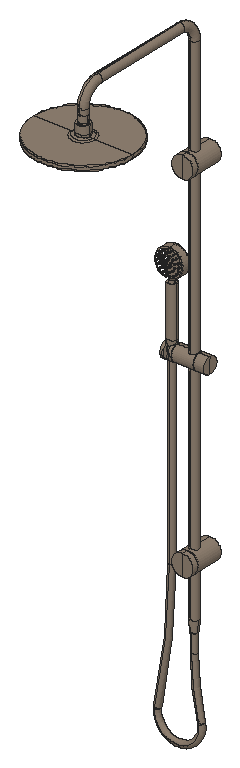
Revit family "Reece_Shower_Milli_Mood Edit_Twin Rail Shower", category Plumbing Fixtures, Revit 2018
Family settings
  Round Connector Dimension = Use Diameter
  Part Type = Normal
  Work Plane-Based = Yes
  Always vertical = Yes
  Cut with Voids When Loaded = Yes
  Shared = Yes
  Room Calculation Point = Yes
Parameters (values of type "PVD Brushed Bronze")
  inletTop = if(isTopInlet, Reece_Shower_Inlet, 0 mm)  # 12 mm
  URL = "https://www.reece.com.au/product/-9511162"
  Type Comments = "Shower"
  Reece_Shower_Inlet = 12 mm  # constant formula
  Reece_Shower_Head_Height = 425 mm  # constant formula
  Reece_Shower_Arm_Length = 400 mm  # constant formula
  isTopInlet = yes
  Reece_Rail_Length = 1365 mm  # constant formula
  Reece_Product_Web Page = "https://www.reece.com.au/product/-9511162"
  Reece_Product_Type = "Shower"  # constant formula
  Reece_Product_Sub Brand = "Mood Edit"  # constant formula
  Reece_Product_Number = "9511162"
  Reece_Product_Mount = "Wall Mounted"
  Reece_Product_Description = "Milli Mood Edit Twin Rail Shower with Top Rail Water Inlet PVD Brushed Bronze (3 Star)"
  Reece_Product_Brand = "Milli"  # constant formula
  Reece_Overall_Width = 525 mm  # constant formula
  Reece_Material_Main = Reece_PVD_Brushed Bronze
  Reece_Height_From_Level [instance] = 1800 mm
  Reece_Detail_Shape = "Twin Rail Shower"  # constant formula
  Reece_Detail_Installation = ""
  Reece_Detail_Disclaimer = "THIS FILE IS THE PROPERTY OF THE REECE GROUP. IT MAY NOT BE REPRODUCED, REVERSE-ENGINEERED OR MODIFIED. ANY REPUBLICATION, TRANSMISSION OR DISTRIBUTION FOR THE PURPOSE OF COMMERCIALLY EXPLOITING THE FILES IS PROHIBITED."  # constant formula
  Reece_Detail_Connector = ""
  Reece_Detail_Additional = "Square"  # constant formula
  Model = "Mood Edit"
  Manufacturer = "Milli"
  Keynote = "Product #9511162, Reece_Shower_Milli_Mood Edit_Twin Rail Shower - PVD Brushed Bronze"
  InletBottom = if(isTopInlet, 0 mm, Reece_Shower_Inlet)  # 0 mm
  Disclaimer = "THIS FILE IS THE PROPERTY OF THE REECE GROUP. IT MAY NOT BE REPRODUCED, REVERSE-ENGINEERED OR MODIFIED. ANY REPUBLICATION, TRANSMISSION OR DISTRIBUTION FOR THE PURPOSE OF COMMERCIALLY EXPLOITING THE FILES IS PROHIBITED."  # constant formula
  Description = "Milli Mood Edit Twin Rail Shower with Top Rail Water Inlet PVD Brushed Bronze (3 Star)"
  Default Elevation = 0 mm
Types (10, lengths in mm): name | URL | Reece_Product_Web Page | Reece_Product_Number | Reece_Product_Description | Reece_Material_Main | Keynote | Description
  (no name) | "https://www.reece.com.au/product/-9511836" | "https://www.reece.com.au/product/-9511836" | "9511836" | "Milli Mood Edit Twin Rail Shower PVD Brushed Gunmetal (3 Star)" | Reece_PVD_Brushed Gunmetal | "Product #9511836, Reece_Shower_Milli_Mood Edit_Twin Rail Shower -  " | "Milli Mood Edit Twin Rail Shower PVD Brushed Gunmetal (3 Star)"
  Chrome | "https://www.reece.com.au/product/-4202066" | "https://www.reece.com.au/product/-4202066" | "4202066" | "Milli Mood Edit Twin Rail Shower with Top Rail Water Inlet Chrome (3 Star)" | Reece_Brass_Chrome | "Product #4202066, Reece_Shower_Milli_Mood Edit_Twin Rail Shower - Chrome" | "Milli Mood Edit Twin Rail Shower with Top Rail Water Inlet Chrome (3 Star)"
  Brushed Nickel | "https://www.reece.com.au/product/-4202068" | "https://www.reece.com.au/product/-4202068" | "4202068" | "Milli Mood Edit Twin Rail Shower with Top Rail Water Inlet Brushed Nickel (3 Star)" | Reece_Brass_Brushed Nickel | "Product #4202068, Reece_Shower_Milli_Mood Edit_Twin Rail Shower - Brushed Nickel" | "Milli Mood Edit Twin Rail Shower with Top Rail Water Inlet Brushed Nickel (3 Star)"
  Brushed Gunmetal | "https://www.reece.com.au/product/-4202069" | "https://www.reece.com.au/product/-4202069" | "4202069" | "Milli Mood Edit Twin Rail Shower with Top Rail Water Inlet Brushed Gunmetal (3 Star)" | Reece_Brass_Brushed Gunmetal | "Product #4202069, Reece_Shower_Milli_Mood Edit_Twin Rail Shower - Brushed Gunmetal" | "Milli Mood Edit Twin Rail Shower with Top Rail Water Inlet Brushed Gunmetal (3 Star)"
  Matte Black | "https://www.reece.com.au/product/-4202067" | "https://www.reece.com.au/product/-4202067" | "4202067" | "Milli Mood Edit Twin Rail Shower with Top Rail Water Inlet Matte Black (3 Star)" | Reece_Brass_Matte Black | "Product #4202067, Reece_Shower_Milli_Mood Edit_Twin Rail Shower - Matte Black" | "Milli Mood Edit Twin Rail Shower with Top Rail Water Inlet Matte Black (3 Star)"
  PVD Brushed Bronze | "https://www.reece.com.au/product/-9511162" | "https://www.reece.com.au/product/-9511162" | "9511162" | "Milli Mood Edit Twin Rail Shower with Top Rail Water Inlet PVD Brushed Bronze (3 Star)" | Reece_PVD_Brushed Bronze | "Product #9511162, Reece_Shower_Milli_Mood Edit_Twin Rail Shower - PVD Brushed Bronze" | "Milli Mood Edit Twin Rail Shower with Top Rail Water Inlet PVD Brushed Bronze (3 Star)"
  PVD Brushed Gold | "https://www.reece.com.au/product/-9510977" | "https://www.reece.com.au/product/-9510977" | "9510977" | "Milli Mood Edit Twin Rail Shower with Top Rail Water Inlet PVD Brushed Gold (3 Star)" | Reece_PVD_Brushed Gold | "Product #9510977, Reece_Shower_Milli_Mood Edit_Twin Rail Shower - PVD Brushed Gold" | "Milli Mood Edit Twin Rail Shower with Top Rail Water Inlet PVD Brushed Gold (3 Star)"
  PVD Brushed Gunmetal | "https://www.reece.com.au/product/-9511836" | "https://www.reece.com.au/product/-9511836" | "9511836" | "Milli Mood Edit Twin Rail Shower PVD Brushed Gunmetal (3 Star)" | Reece_PVD_Brushed Gunmetal | "Product #9511836, Reece_Shower_Milli_Mood Edit_Twin Rail Shower - PVD Brushed Gunmetal" | "Milli Mood Edit Twin Rail Shower PVD Brushed Gunmetal (3 Star)"
  PVD Brushed Nickel | "https://www.reece.com.au/product/-9511651" | "https://www.reece.com.au/product/-9511651" | "9511651" | "Milli Mood Edit Twin Rail Shower PVD Brushed Nickel (3 Star)" | Reece_PVD_Brushed Nickel | "Product #9511651, Reece_Shower_Milli_Mood Edit_Twin Rail Shower - PVD Brushed Nickel" | "Milli Mood Edit Twin Rail Shower PVD Brushed Nickel (3 Star)"
  PVD Matte Black | "https://www.reece.com.au/product/-9511466" | "https://www.reece.com.au/product/-9511466" | "9511466" | "Milli Mood Edit Twin Rail Shower PVD Matte Black (3 Star)" | Reece_PVD_Matte Black | "Product #9511466, Reece_Shower_Milli_Mood Edit_Twin Rail Shower - PVD Matte Black" | "Milli Mood Edit Twin Rail Shower PVD Matte Black (3 Star)"
Reference planes
  plane 1 "Center (Front/Back)": y = 0
  plane 2 "Height From Floor": z = 1800
  plane 3 "Center (Left/Right)": x = 0
  plane 4 "Bottom Of Invisible Line": z = -5
  plane 5: x = 11
  plane 6: x = -11
  plane 7: y = -400
  plane 8 "Main Rail": y = -50
  plane 9: y = 0
  plane 10: y = -86.5
  plane 11: x = -27.04
  plane 12: x = 27.04
  plane 13: y = -525
  plane 14 "Bottom Fixture": z = 900
  plane 15 "Center L/T": z = 1350
  plane 16 "Handshower Handle": x = -56
  plane 17: x = -125
  plane 18: x = 125
  plane 19: z = 2130
  plane 20 "Showerhead Connection": z = 2060
  plane 21 "Bottom Rail Connection": z = 765
Forms (mm)
  Revolve 1, solid, material "Reece_PVD_Brushed Bronze" <- "Reece_Material_Main"
    sketch origin (0, -50, 1770.852) x (0, -1, 0) y (0, 0, 1)
      loop
        line (-50, 56.188) -> (-50, 36.648) -> (-14, 36.648) -> (-14, 29.148) -> (36.5, 29.148) -> (36.5, 56.188) -> (22.632, 56.188) -> (22.632, 51.026) -> (21.562, 51.026) -> (21.562, 56.188) -> (-50, 56.188)
      axis (36.5, 29.148) -> (-50, 29.148)
    angle from 0 to 360
  Sweep 2, solid, material "Reece_PVD_Brushed Bronze" <- "Reece_Material_Main"
    path origin (0, -50, 0) x (0, -1, 0) y (0, 0, 1)
      loop
        line (0, 765) -> (0, 2074)
        arc (0, 2074) -> (13.18, 2105.82) -> (45, 2119) r 45
        line (45, 2119) -> (305, 2119)
        arc (305, 2119) -> (336.82, 2105.82) -> (350, 2074) r 45
        line (350, 2074) -> (350, 2060)
    profile origin (0, -50, 1419.5) x (0, 1, 0) y (-1, 0, 0)
      loop
        circle (0, 0) r 11
      loop
        circle (0, 0) r 10
  Revolve 3, solid, material "Reece_PVD_Brushed Bronze" <- "Reece_Material_Main"
    sketch origin (0, -0.942, -5) x (0, -1, 0) y (0, 0, 1)
      loop
        line (399.058, 2012.438) -> (399.058, 2020) -> (398.251, 2020) -> (396.615, 2019.372) -> (398.424, 2018.515) -> (396.612, 2017.57) -> (398.425, 2016.716) -> (396.612, 2015.77) -> (398.425, 2014.916) -> (396.628, 2013.979) -> (398.002, 2013.232) -> (397.208, 2012.438) -> (399.058, 2012.438)
      axis (399.058, 2020) -> (399.058, 2012.438)
    angle from 0 to 360
  Revolve 4, solid, material "Reece_PVD_Brushed Bronze" <- "Reece_Material_Main"
    sketch origin (0, -50, 870.852) x (0, -1, 0) y (0, 0, 1)
      loop
        line (-50, 56.188) -> (-50, 36.648) -> (-14, 36.648) -> (-14, 29.148) -> (36.5, 29.148) -> (36.5, 56.188) -> (22.632, 56.188) -> (22.632, 51.026) -> (21.562, 51.026) -> (21.562, 56.188) -> (-50, 56.188)
      axis (36.5, 29.148) -> (-50, 29.148)
    angle from 0 to 360
  Revolve 5, solid, material "Reece_PVD_Brushed Bronze" <- "Reece_Material_Main"
    sketch origin (0, -50, 0) x (0, 0, 1) y (-1, 0, 0)
      loop
        line (1370, -40) -> (1370, -14.527) -> (1369, -14.527) -> (1369, -13.527) -> (1370, -13.527) -> (1370, 41) -> (1369, 41) -> (1369, 42) -> (1370, 42) -> (1370, 70) -> (1350, 70) -> (1350, -40) -> (1370, -40)
      axis (1350, 70) -> (1350, -40)
    angle from 0 to 360
  Revolve 6, solid, material "Reece_PVD_Brushed Bronze" <- "Reece_Material_Main"
    sketch origin (-99, -50, 149.971) x (1, 0, 0) y (0, 0, 1)
      loop
        line (54.5, 1229) -> (54.5, 1355) -> (49.25, 1355) -> (49.25, 1402) -> (43, 1402) -> (43, 1229) -> (54.5, 1229)
      axis (43, 1229) -> (43, 1402)
    angle from 0 to 360
  Revolve 7, solid, material "Reece_PVD_Brushed Bronze" <- "Reece_Material_Main"
    sketch origin (-56, 0, 149.971) x (0, 0, -1) y (0, -1, 0)
      loop
        line (-1402, 38.5) -> (-1402, 62.392)
        arc (-1402, 62.392) -> (-1419.006, 62.169) -> (-1436, 61.5) r 648.39
        arc (-1436, 61.5) -> (-1436.707, 61.207) -> (-1437, 60.5) r 1
        line (-1437, 60.5) -> (-1437, 39.5)
        arc (-1437, 39.5) -> (-1436.707, 38.793) -> (-1436, 38.5) r 1
        line (-1436, 38.5) -> (-1402, 38.5)
      axis (-1402, 62.392) -> (-1402, 38.5)
    angle from 0 to 360
  Extrusion 8, solid, material "Reece_PVD_Brushed Bronze" <- "Reece_Material_Main", detail levels fine
    sketch origin (-99, -50, 149.971) x (1, 0, 0) y (0, 0, 1)
      loop
        circle (43, 1410) r 1.5
      loop
        circle (36.072, 1406) r 1.5
      loop
        circle (25.613, 1406.659) r 1.5
      loop
        circle (30.272, 1414.728) r 1.5
      loop
        circle (38.341, 1419.387) r 1.5
      loop
        circle (14.527, 1402) r 1.5
      loop
        circle (16.215, 1411.577) r 1.5
      loop
        circle (21.551, 1419.998) r 1.5
      loop
        circle (29, 1426.249) r 1.5
      loop
        circle (38.138, 1429.575) r 1.5
      loop
        circle (49.928, 1406) r 1.5
      loop
        circle (60.387, 1406.659) r 1.5
      loop
        circle (55.728, 1414.728) r 1.5
      loop
        circle (47.659, 1419.387) r 1.5
      loop
        circle (71, 1402) r 1.5
      loop
        circle (69.311, 1411.577) r 1.5
      loop
        circle (64.449, 1419.998) r 1.5
      loop
        circle (57, 1426.249) r 1.5
      loop
        circle (47.862, 1429.575) r 1.5
      loop
        circle (43, 1394) r 1.5
      loop
        circle (36.072, 1398) r 1.5
      loop
        circle (25.613, 1397.341) r 1.5
      loop
        circle (30.272, 1389.272) r 1.5
      loop
        circle (38.341, 1384.613) r 1.5
      loop
        circle (16.215, 1392.423) r 1.5
      loop
        circle (21.551, 1384.002) r 1.5
      loop
        circle (29, 1377.751) r 1.5
      loop
        circle (38.138, 1374.425) r 1.5
      loop
        circle (49.928, 1398) r 1.5
      loop
        circle (60.387, 1397.341) r 1.5
      loop
        circle (55.728, 1389.272) r 1.5
      loop
        circle (47.659, 1384.613) r 1.5
      loop
        circle (69.311, 1392.423) r 1.5
      loop
        circle (64.449, 1384.002) r 1.5
      loop
        circle (57, 1377.751) r 1.5
      loop
        circle (47.862, 1374.425) r 1.5
    from 0 to 14.099
  Revolve 9, solid, material "Reece_PVD_Brushed Bronze" <- "Reece_Material_Main"
    sketch origin (-99, -50, 149.971) x (1, 0, 0) y (0, 0, 1)
      loop
        line (43, 1200) -> (51.069, 1200)
        arc (51.069, 1200) -> (51.75, 1200.268) -> (52.066, 1200.929) r 1
        line (52.066, 1200.929) -> (53.237, 1213.964) -> (50.75, 1213.964) -> (50.75, 1214.964) -> (53.327, 1214.964) -> (54.5, 1229) -> (43, 1229) -> (43, 1200)
      axis (43, 1229) -> (43, 1200)
    angle from 0 to 360
  Revolve 10, void
    sketch origin (0, -50, 0) x (0, 0, 1) y (-1, 0, 0)
      loop
        line (1381.243, 68.697) -> (1350, 65.988) -> (1322.91, 65.988) -> (1322.91, 56) -> (1381.243, 56) -> (1381.243, 68.697)
      axis (1322.91, 56) -> (1381.243, 56)
    angle from 0 to 360
  Extrusion 11, void
    sketch origin (0, 0, 1350) x (0, 1, 0) y (-1, 0, 0)
      loop
        line (-57.068, 62.11) -> (-67.6, 62.11) -> (-70, 65.537) -> (-70, 46.463) -> (-67.6, 49.89) -> (-57.068, 49.89) -> (-57.068, 62.11)
    from -34.403 to 28.971
  Sweep 12, solid, material "Reece_PVD_Brushed Bronze" <- "Reece_Material_Main"
    path origin (0, -50, 0) x (0, 0, 1) y (-1, 0, 0)
      loop
        line (1350, 56) -> (870, 56)
        arc (870, 56) -> (700.894, 65.105) -> (533.744, 92.317) r 1574.857
        arc (533.744, 92.317) -> (532.789, 92.501) -> (531.826, 92.639) r 20
        arc (531.826, 92.639) -> (469.267, 35.882) -> (534.12, -18.239) r 55.988
        arc (534.12, -18.239) -> (534.86, -18.106) -> (535.594, -17.945) r 20
        arc (535.594, -17.945) -> (611.272, -4.502) -> (688.002, 0) r 656.162
        line (688.002, 0) -> (765, 0)
    profile origin (-56, -50, 1110) x (0, -1, 0) y (1, 0, 0)
      loop
        circle (0, 0) r 7.5
  Extrusion 13, void, detail levels fine
    sketch origin (-99, -50, 149.971) x (1, 0, 0) y (0, 0, 1)
      loop
        circle (43, 1410) r 1.5
      loop
        circle (36.072, 1406) r 1.5
      loop
        circle (25.613, 1406.659) r 1.5
      loop
        circle (30.272, 1414.728) r 1.5
      loop
        circle (38.341, 1419.387) r 1.5
      loop
        circle (14.527, 1402) r 1.5
      loop
        circle (16.215, 1411.577) r 1.5
      loop
        circle (21.551, 1419.998) r 1.5
      loop
        circle (29, 1426.249) r 1.5
      loop
        circle (38.138, 1429.575) r 1.5
      loop
        circle (49.928, 1406) r 1.5
      loop
        circle (60.387, 1406.659) r 1.5
      loop
        circle (55.728, 1414.728) r 1.5
      loop
        circle (47.659, 1419.387) r 1.5
      loop
        circle (71, 1402) r 1.5
      loop
        circle (69.311, 1411.577) r 1.5
      loop
        circle (64.449, 1419.998) r 1.5
      loop
        circle (57, 1426.249) r 1.5
      loop
        circle (47.862, 1429.575) r 1.5
      loop
        circle (43, 1394) r 1.5
      loop
        circle (36.072, 1398) r 1.5
      loop
        circle (25.613, 1397.341) r 1.5
      loop
        circle (30.272, 1389.272) r 1.5
      loop
        circle (38.341, 1384.613) r 1.5
      loop
        circle (16.215, 1392.423) r 1.5
      loop
        circle (21.551, 1384.002) r 1.5
      loop
        circle (29, 1377.751) r 1.5
      loop
        circle (38.138, 1374.425) r 1.5
      loop
        circle (49.928, 1398) r 1.5
      loop
        circle (60.387, 1397.341) r 1.5
      loop
        circle (55.728, 1389.272) r 1.5
      loop
        circle (47.659, 1384.613) r 1.5
      loop
        circle (69.311, 1392.423) r 1.5
      loop
        circle (64.449, 1384.002) r 1.5
      loop
        circle (57, 1377.751) r 1.5
      loop
        circle (47.862, 1374.425) r 1.5
    from 0 to 14.099
  Revolve 14, solid, material "Reece_PVD_Brushed Bronze" <- "Reece_Material_Main"
    sketch origin (0, -50, -5) x (0, 0, 1) y (-1, 0, 0)
      loop
        line (770, 7.685) -> (770, 11) -> (740.948, 9.477)
        arc (740.948, 9.477) -> (740.275, 9.167) -> (740, 8.479) r 1
        line (740, 8.479) -> (740, 7.685) -> (770, 7.685)
      axis (740, 0) -> (770, 0)
    angle from 0 to 360
Cuts and joins
  Revolve 10, Extrusion 11 cuts Revolve 5
  joined: Revolve 1, Sweep 2, Revolve 4, Revolve 5
  Extrusion 13 cuts Revolve 7
  joined: Revolve 6, Revolve 7
Lines and regions (mm)
  model lines, style "InvisibleLines"
    curve 1: line (0, 0, -5) -> (0, 0, 1800)
Text (mm)
  text "Reece ©" at (2155.535, -1941.88, 3919.397), in view "Reece Preview"
  text "Reece Copyright © 2018, Reece Ltd." at (-327.277, -568.509, 0), in view "Ref. Level"
Dimensions and locks
  plane 5 to plane 6 = 22 mm
  "Reece_Height_From_Level": plane 2 "Height From Floor" to level
  locked: plane 11 to plane 12 at 54.08
  plane 8 "Main Rail" to plane 7 = 350 mm
  locked: plane 15 "Center L/T" to plane 2 "Height From Floor" at 450
  locked: plane 2 "Height From Floor" to plane 14 "Bottom Fixture" at 900
  cut or joined group of Revolve 1, Sweep 2, Revolve 4, Revolve 5, Revolve 10, Extrusion 11 to cut or joined group of Revolve 1, Sweep 2, Revolve 4, Revolve 5, Revolve 10, Extrusion 11 = 54.08 mm  (x4)
  nested 1 to nested 1 = 250 mm  (x3)
  cut or joined group of Revolve 1, Sweep 2, Revolve 4, Revolve 5, Revolve 10, Extrusion 11 to plane 7 = 350 mm
  plane 9 to cut or joined group of Revolve 1, Sweep 2, Revolve 4, Revolve 5, Revolve 10, Extrusion 11 = 86.5 mm
  plane 6 to plane 5 = 22 mm
  "Reece_Shower_Arm_Length": plane 7 to cut or joined group of Revolve 1, Sweep 2, Revolve 4, Revolve 5, Revolve 10, Extrusion 11
  plane 9 to plane 8 "Main Rail" = 50 mm
  cut or joined group of Revolve 1, Sweep 2, Revolve 4, Revolve 5, Revolve 10, Extrusion 11 to cut or joined group of Revolve 1, Sweep 2, Revolve 4, Revolve 5, Revolve 10, Extrusion 11 = 110 mm
  plane 2 "Height From Floor" to plane 14 "Bottom Fixture" = 900 mm
  cut or joined group of Revolve 1, Sweep 2, Revolve 4, Revolve 5, Revolve 10, Extrusion 11 to cut or joined group of Revolve 1, Sweep 2, Revolve 4, Revolve 5, Revolve 10, Extrusion 11 = 40 mm  (x2)
  "Reece_Overall_Width": plane 9 to plane 13
  plane 19 to plane 2 "Height From Floor" = 330 mm
  plane 19 to plane 20 "Showerhead Connection" to plane 2 "Height From Floor" = 70 mm locked, 260 mm locked
  plane 7 to plane 8 "Main Rail" = 350 mm
  "Reece_Rail_Length": plane 19 to plane 21 "Bottom Rail Connection"
  Revolve 14 sketch curve to plane 21 "Bottom Rail Connection" to Revolve 14 sketch curve = 0 mm locked, 30 mm locked
  aligned and locked: plane 2 "Height From Floor" to curve 1
  aligned and locked: plane 2 "Height From Floor" to Revolve 1 sketch curve  (x2)
  aligned and locked: plane 10 to Revolve 1 sketch curve
  aligned and locked: Revolve 1 sketch curve to plane 9
  aligned and locked: plane 14 "Bottom Fixture" to Revolve 4 sketch curve  (x2)
  aligned and locked: Revolve 5 sketch curve to plane 15 "Center L/T"
  aligned and locked: plane 15 "Center L/T" to Revolve 5 sketch curve
  aligned and locked: Revolve 6 sketch curve to Revolve 9
  aligned and locked: plane 21 "Bottom Rail Connection" to Sweep 2 sketch curve
  aligned and locked: Extrusion 8 to plane 8 "Main Rail"
  aligned and locked: plane 15 "Center L/T" to Sweep 12 sketch curve
Automatic sketch dimensions
  Revolve 1 sketch curve to plane 8 "Main Rail" = 14 mm
  plane 10 to Revolve 1 sketch curve = 14.938 mm
  Revolve 1 sketch curve to Revolve 1 sketch curve = 1.07 mm
  plane 2 "Height From Floor" to Revolve 1 sketch curve = 7.5 mm
  plane 2 "Height From Floor" to Revolve 1 sketch curve = 21.878 mm
  Revolve 1 sketch curve to Revolve 1 sketch curve = 5.161 mm
  Revolve 1 sketch curve to Revolve 1 sketch curve = 0 mm
  plane 8 "Main Rail" to Revolve 1 sketch curve = 1 mm
  Revolve 1 sketch curve to plane 10 = 18.5 mm
  Revolve 3 sketch curve to plane 7 = 0 mm  (x2)
  plane 7 to Revolve 3 sketch curve = 0.633 mm  (x3)
  Revolve 3 sketch curve to Revolve 3 sketch curve = 0.806 mm
  plane 7 to Revolve 3 sketch curve = 1.055 mm
  Revolve 3 sketch curve to Revolve 3 sketch curve = 0.795 mm  (x2)
  Revolve 3 sketch curve to Revolve 3 sketch curve = 1.374 mm
  Revolve 3 sketch curve to Revolve 3 sketch curve = 1.636 mm
  Revolve 3 sketch curve to Revolve 3 sketch curve = 0.003 mm
  Revolve 3 sketch curve to Revolve 3 sketch curve = 0.017 mm
  Revolve 3 sketch curve to Revolve 3 sketch curve = 0.747 mm
  Revolve 3 sketch curve to Revolve 3 sketch curve = 1.683 mm
  Revolve 3 sketch curve to Revolve 3 sketch curve = 1.791 mm
  Revolve 3 sketch curve to Revolve 3 sketch curve = 1.8 mm  (x3)
  Revolve 3 sketch curve to Revolve 3 sketch curve = 13.07 mm
  Revolve 3 sketch curve to Revolve 3 sketch curve = 4.367 mm
  Revolve 4 sketch curve to plane 1 "Center (Front/Back)" = 0 mm
  Revolve 4 sketch curve to plane 10 = 0 mm
  Revolve 4 sketch curve to plane 8 "Main Rail" = 14 mm
  Revolve 4 sketch curve to Revolve 4 sketch curve = 14.938 mm
  Revolve 4 sketch curve to Revolve 4 sketch curve = 1.07 mm
  plane 14 "Bottom Fixture" to Revolve 4 sketch curve = 7.5 mm
  plane 14 "Bottom Fixture" to Revolve 4 sketch curve = 21.878 mm
  Revolve 4 sketch curve to Revolve 4 sketch curve = 5.161 mm
  Revolve 4 sketch curve to Revolve 4 sketch curve = 0 mm
  plane 8 "Main Rail" to Revolve 4 sketch curve = 1 mm
  Revolve 4 sketch curve to plane 10 = 18.5 mm
  plane 15 "Center L/T" to Revolve 5 sketch curve = 19 mm  (x2)
  plane 5 to Revolve 5 sketch curve = 2.527 mm
  plane 15 "Center L/T" to Revolve 5 sketch curve = 20 mm
  Revolve 5 sketch curve to Revolve 5 sketch curve = 1 mm  (x3)
  Revolve 5 sketch curve to Revolve 5 sketch curve = 0 mm
  Revolve 5 sketch curve to plane 12 = 12.96 mm
  plane 11 to Revolve 5 sketch curve = 13.96 mm
  Revolve 5 sketch curve to Revolve 5 sketch curve = 28 mm
  Revolve 5 sketch curve to Revolve 5 sketch curve = 200 mm
  Revolve 5 sketch curve to Revolve 5 sketch curve = 70 mm
  plane 12 to Revolve 6 sketch curve = 83.04 mm  (x2)
  Revolve 6 sketch curve to Revolve 6 sketch curve = 6.25 mm
  Revolve 6 sketch curve to Revolve 6 sketch curve = 5.25 mm
  plane 15 "Center L/T" to Revolve 6 sketch curve = 154.971 mm
  Revolve 6 sketch curve to Revolve 6 sketch curve = 47 mm
  plane 2 "Height From Floor" to Revolve 6 sketch curve = 84.971 mm
  Revolve 7 sketch curve to plane 8 "Main Rail" = 10.5 mm
  plane 15 "Center L/T" to Revolve 7 sketch curve = 236.971 mm
  Revolve 7 sketch curve to Revolve 7 sketch curve = 1 mm  (x2)
  Revolve 7 sketch curve to Revolve 7 sketch curve = 34 mm
  Revolve 7 sketch curve to plane 1 "Center (Front/Back)" = 585.998 mm
  plane 10 to Revolve 7 sketch curve = 26 mm
  Revolve 7 sketch curve to Revolve 7 sketch curve = 0 mm
  Revolve 7 sketch curve to plane 8 "Main Rail" = 41 mm
  plane 10 to Revolve 7 sketch curve = 12.5 mm
  Extrusion 8 sketch curve to plane 5 = 95.473 mm
  Extrusion 8 sketch curve to plane 5 = 93.785 mm  (x2)
  plane 12 to Extrusion 8 sketch curve = 104.489 mm  (x2)
  plane 12 to Extrusion 8 sketch curve = 100.427 mm  (x2)
  plane 12 to Extrusion 8 sketch curve = 97.04 mm  (x2)
  plane 12 to Extrusion 8 sketch curve = 95.768 mm  (x2)
  plane 12 to Extrusion 8 sketch curve = 89.968 mm
  Extrusion 8 sketch curve to Extrusion 8 sketch curve = 0 mm  (x6)
  Extrusion 8 sketch curve to Extrusion 8 sketch curve = 9.138 mm  (x4)
  Extrusion 8 sketch curve to Extrusion 8 sketch curve = 8.069 mm  (x8)
  Extrusion 8 sketch curve to Extrusion 8 sketch curve = 6.928 mm  (x3)
  Extrusion 8 sketch curve to Extrusion 8 sketch curve = 9.317 mm  (x4)
  Extrusion 8 sketch curve to Extrusion 8 sketch curve = 9.724 mm  (x2)
  Extrusion 8 sketch curve to Extrusion 8 sketch curve = 4.659 mm  (x5)
  Extrusion 8 sketch curve to Extrusion 8 sketch curve = 7.449 mm  (x2)
  Extrusion 8 sketch curve to Extrusion 8 sketch curve = 4.862 mm  (x2)
  Extrusion 8 sketch curve to Extrusion 8 sketch curve = 1.689 mm
  plane 15 "Center L/T" to Extrusion 8 sketch curve = 174.397 mm
  Extrusion 8 sketch curve to Extrusion 8 sketch curve = 3.326 mm  (x3)
  Extrusion 8 sketch curve to Extrusion 8 sketch curve = 6.251 mm  (x4)
  Extrusion 8 sketch curve to Extrusion 8 sketch curve = 10.188 mm
  Extrusion 8 sketch curve to Extrusion 8 sketch curve = 8.421 mm  (x4)
  Extrusion 8 sketch curve to Extrusion 8 sketch curve = 9.387 mm
  Extrusion 8 sketch curve to Extrusion 8 sketch curve = 4 mm  (x3)
  Extrusion 8 sketch curve to Extrusion 8 sketch curve = 9.577 mm  (x4)
  Extrusion 8 sketch curve to Extrusion 8 sketch curve = 8 mm  (x2)
  curve 1 to plane 3 "Center (Left/Right)" = 0 mm
  curve 1 to plane 4 "Bottom Of Invisible Line" = 0 mm
  Revolve 9 sketch curve to plane 16 "Handshower Handle" = 0 mm  (x2)
  plane 16 "Handshower Handle" to Revolve 9 sketch curve = 7.75 mm
  Revolve 9 sketch curve to plane 15 "Center L/T" = 0.029 mm
  Revolve 9 sketch curve to Revolve 9 sketch curve = 8.069 mm
  plane 15 "Center L/T" to Revolve 9 sketch curve = 0.9 mm
  Revolve 9 sketch curve to Revolve 9 sketch curve = 0.997 mm
  Revolve 9 sketch curve to Revolve 9 sketch curve = 2.486 mm
  Revolve 9 sketch curve to Revolve 9 sketch curve = 0.09 mm
  Revolve 9 sketch curve to Revolve 9 sketch curve = 12.964 mm
  Revolve 9 sketch curve to Revolve 9 sketch curve = 1 mm
  Revolve 9 sketch curve to Revolve 9 sketch curve = 14.036 mm
  Revolve 9 sketch curve to Revolve 9 sketch curve = 11.5 mm
  Revolve 9 sketch curve to Revolve 9 sketch curve = 26 mm
  Revolve 9 sketch curve to Revolve 9 sketch curve = 64 mm
  Revolve 10 sketch curve to plane 16 "Handshower Handle" = 0 mm  (x2)
  Revolve 10 sketch curve to plane 15 "Center L/T" = 0 mm
  Revolve 10 sketch curve to plane 16 "Handshower Handle" = 9.988 mm
  Revolve 10 sketch curve to Revolve 10 sketch curve = 27.09 mm
  Revolve 10 sketch curve to plane 16 "Handshower Handle" = 12.697 mm
  plane 15 "Center L/T" to Revolve 10 sketch curve = 31.243 mm
  Revolve 10 sketch curve to Revolve 10 sketch curve = 7.91 mm
  Revolve 10 sketch curve to Revolve 10 sketch curve = 16.114 mm
  Extrusion 11 sketch curve to plane 16 "Handshower Handle" = 6.11 mm
  plane 8 "Main Rail" to Extrusion 11 sketch curve = 17.6 mm
  plane 16 "Handshower Handle" to Extrusion 11 sketch curve = 6.11 mm
  Extrusion 11 sketch curve to Extrusion 11 sketch curve = 0 mm
  plane 8 "Main Rail" to Extrusion 11 sketch curve = 7.068 mm
  Extrusion 11 sketch curve to Extrusion 11 sketch curve = 3.427 mm  (x2)
  Extrusion 11 sketch curve to Extrusion 11 sketch curve = 2.4 mm
  Revolve 3 sketch curve to Revolve 3 sketch curve = 1.802 mm
  Revolve 3 sketch curve to Revolve 3 sketch curve = 1.485 mm
  plane 2 "Height From Floor" to Revolve 3 sketch curve = 207.438 mm
  Revolve 6 sketch curve to Revolve 6 sketch curve = 179 mm
  Sweep 2 sketch curve to plane 8 "Main Rail" = 0 mm
  Sweep 2 sketch curve to plane 7 = 0 mm
  plane 20 "Showerhead Connection" to Sweep 2 sketch curve = 0 mm
  Sweep 2 sketch curve to plane 10 = 8.5 mm
  plane 19 to Sweep 2 sketch curve = 11 mm
  plane 7 to Sweep 2 sketch curve = 45 mm
  Sweep 2 sketch curve to Sweep 2 sketch curve = 0 mm  (x2)
  profile plane to Sweep 2 sketch curve = 0 mm
  Sweep 2 sketch curve to profile plane = 0 mm
  plane 8 "Main Rail" to Sweep 12 sketch curve = 0 mm
  Sweep 12 sketch curve to profile plane = 0 mm
  Sweep 12 sketch curve to plane 3 "Center (Left/Right)" = 0 mm
  Sweep 12 sketch curve to plane 21 "Bottom Rail Connection" = 0 mm
  plane 16 "Handshower Handle" to Sweep 12 sketch curve = 0 mm
  Sweep 12 sketch curve to Sweep 12 sketch curve = 76.998 mm
  Sweep 12 sketch curve to plane 3 "Center (Left/Right)" = 1.508 mm
  Sweep 12 sketch curve to plane 16 "Handshower Handle" = 16.778 mm
  Sweep 12 sketch curve to Sweep 12 sketch curve = 1.475 mm
  plane 11 to Sweep 12 sketch curve = 10 mm
  Sweep 12 sketch curve to Sweep 12 sketch curve = 4.232 mm
  Sweep 12 sketch curve to plane 14 "Bottom Fixture" = 30 mm
  plane 5 to Sweep 12 sketch curve = 6.945 mm
  Sweep 12 sketch curve to Sweep 12 sketch curve = 0 mm  (x4)
  Sweep 12 sketch curve to Sweep 12 sketch curve = 1.474 mm
  Extrusion 13 sketch curve to plane 16 "Handshower Handle" = 0 mm  (x2)
  Extrusion 13 sketch curve to plane 16 "Handshower Handle" = 4.659 mm  (x2)
  Extrusion 13 sketch curve to plane 16 "Handshower Handle" = 4.862 mm  (x2)
  Extrusion 13 sketch curve to plane 16 "Handshower Handle" = 6.928 mm  (x2)
  Extrusion 13 sketch curve to Extrusion 13 sketch curve = 8.069 mm  (x8)
  Extrusion 13 sketch curve to Extrusion 13 sketch curve = 9.138 mm  (x4)
  Extrusion 13 sketch curve to Extrusion 13 sketch curve = 4.659 mm  (x7)
  Extrusion 13 sketch curve to Extrusion 13 sketch curve = 7.449 mm  (x2)
  Extrusion 13 sketch curve to Extrusion 13 sketch curve = 5.336 mm  (x2)
  Extrusion 13 sketch curve to Extrusion 13 sketch curve = 1.689 mm
  plane 16 "Handshower Handle" to Extrusion 13 sketch curve = 4.659 mm  (x2)
  plane 16 "Handshower Handle" to Extrusion 13 sketch curve = 4.862 mm  (x2)
  plane 16 "Handshower Handle" to Extrusion 13 sketch curve = 6.928 mm  (x2)
  plane 11 to Extrusion 13 sketch curve = 7.511 mm  (x2)
  plane 11 to Extrusion 13 sketch curve = 2.649 mm  (x2)
  plane 11 to Extrusion 13 sketch curve = 0.96 mm
  plane 15 "Center L/T" to Extrusion 13 sketch curve = 174.397 mm
  Extrusion 13 sketch curve to Extrusion 13 sketch curve = 0 mm  (x4)
  Extrusion 13 sketch curve to Extrusion 13 sketch curve = 3.326 mm  (x3)
  Extrusion 13 sketch curve to Extrusion 13 sketch curve = 6.251 mm  (x4)
  Extrusion 13 sketch curve to Extrusion 13 sketch curve = 10.188 mm
  Extrusion 13 sketch curve to Extrusion 13 sketch curve = 8.421 mm  (x4)
  Extrusion 13 sketch curve to Extrusion 13 sketch curve = 9.387 mm
  Extrusion 13 sketch curve to Extrusion 13 sketch curve = 4 mm  (x3)
  Extrusion 13 sketch curve to Extrusion 13 sketch curve = 9.577 mm  (x4)
  Extrusion 13 sketch curve to Extrusion 13 sketch curve = 8 mm  (x2)
  Extrusion 13 sketch curve to Extrusion 13 sketch curve = 9.317 mm  (x2)
  Revolve 14 sketch curve to plane 3 "Center (Left/Right)" = 0 mm
  Revolve 14 sketch curve to plane 6 = 0 mm
  plane 6 to Revolve 14 sketch curve = 3.315 mm
  plane 6 to Revolve 14 sketch curve = 1.523 mm
  Revolve 14 sketch curve to Revolve 14 sketch curve = 0.948 mm
  Revolve 14 sketch curve to Revolve 14 sketch curve = 0.052 mm
  Revolve 14 sketch curve to Revolve 14 sketch curve = 40 mm
  Revolve 14 sketch curve to Revolve 14 sketch curve = 35 mm
  radius of Extrusion 8 sketch curve = 1.5 mm  (x36)
  radius of Sweep 2 sketch curve = 11 mm
  radius of Sweep 2 sketch curve = 10 mm
  radius of Sweep 12 sketch curve = 7.5 mm
  radius of Extrusion 13 sketch curve = 1.5 mm  (x36)
Nested families
  nested 1: "Reece_Shower_Milli_Mood Edit_Shower Head_250 mm Head_Nested" at (0, -400, 2060) x (1, 0, 0) z (0, 0, -1), Reece_Material_Main <- "Reece_Material_Main", type "Reece_Shower_Milli_Mood Edit_Shower Head_250 mm Head_Nested"
    with Reece_Material_Main Reece_PVD_Brushed Bronze
Connectors
  piping at (0, 0, 1800), diameter 12, driven by "inletTop"
    settings: on cut or joined group of Revolve 1, Sweep 2, Revolve 4, Revolve 5, Revolve 10, Extrusion 11, index 1, connector inside diameter 609.6 mm, connector length 0 mm, flow factor 0, pipe flow 0.0 L/s, pressure drop 0.0 Pa, fitting loss kfactor 0, connector angle 0.00°, fixture units 0, engagement length 0 mm, angle of deflection 0.00°, flow configuration 0, flow direction 1, fitting loss method 0, system type 29, joint type 0, gender type 0, connector reference index -1, connector utility 0, adjustable connector no, is connector primary yes, connector description ""
  piping at (0, 0, 900), driven by "InletBottom"
    settings: on cut or joined group of Revolve 1, Sweep 2, Revolve 4, Revolve 5, Revolve 10, Extrusion 11, index 2, connector diameter 0 mm, connector inside diameter 609.6 mm, connector length 0 mm, flow factor 0, pipe flow 0.0 L/s, pressure drop 0.0 Pa, fitting loss kfactor 0, connector angle 0.00°, fixture units 0, engagement length 0 mm, angle of deflection 0.00°, flow configuration 0, flow direction 1, fitting loss method 0, system type 29, joint type 0, gender type 0, connector reference index -1, connector utility 0, adjustable connector no, is connector primary no, connector description ""
Definition of nested family "Reece_Shower_Milli_Mood Edit_Shower Head_250 mm Head_Nested"
  Parameters (values of type "Reece_Shower_Milli_Pure_Shower Head_250 mm Head_Nested")
    Waste Connection = no
    WFU = 0
    Vent Connection = no
    URL = ""
    Type Comments = ""
    Reece_Material_Main [instance] = none
    Model = ""
    Manufacturer = ""
    Keynote = ""
    HWFU = 0
    HW Connection = no
    Description = ""
    Default Elevation = 0 mm
    Cost = 0
    CWFU = 0
    CW Connection = no
    Assembly Code = ""
  Reference planes
    plane 1 "Center (Front/Back)": y = 0
    plane 2: z = 0
    plane 3 "Center (Left/Right)": x = 0
    plane 4: z = 60
    plane 5: y = 125
    plane 6: y = -125
    plane 7: x = 125
    plane 8: x = -125
    plane 9: z = 50
  Forms (mm)
    Extrusion 1, solid
      sketch origin (619.2, 20, 0) x (1, 0, 0) y (0, 1, 0)
        loop
          line (-843.153, 203.827) -> (-843.153, -206.911) -> (-435.255, -206.911) -> (-435.255, 203.827) -> (-843.153, 203.827)
      from 0 to -35.776
    Revolve 2, solid, material <- "Reece_Material_Main"
      sketch origin (0, 0, -187) x (1, 0, 0) y (0, 0, 1)
        loop
          line (0, 247) -> (0, 187) -> (11, 187) -> (11, 203) -> (9.387, 203)
          arc (9.387, 203) -> (8.576, 203.415) -> (8.439, 204.316) r 1
          line (8.439, 204.316) -> (9.772, 208.316)
          arc (9.772, 208.316) -> (10.136, 208.811) -> (10.721, 209) r 1
          line (10.721, 209) -> (16, 209)
          arc (16, 209) -> (16.477, 218.25) -> (16, 227.5) r 90
          line (16, 227.5) -> (15, 227.5) -> (15, 228.5) -> (16, 228.5) -> (16, 233.105)
          arc (16, 233.105) -> (16.202, 233.707) -> (16.726, 234.066) r 1
          line (16.726, 234.066) -> (24.324, 236.233)
          arc (24.324, 236.233) -> (27.04, 236.807) -> (29.809, 237) r 20
          line (29.809, 237) -> (124.5, 237)
          arc (124.5, 237) -> (124.854, 237.146) -> (125, 237.5) r 0.5
          line (125, 237.5) -> (125, 246.5)
          arc (125, 246.5) -> (124.854, 246.854) -> (124.5, 247) r 0.5
          line (124.5, 247) -> (0, 247)
        axis (0, 247) -> (0, 187)
      angle from 0 to 360
    Extrusion 3, void
      sketch origin (0, 0, 0) x (1, 0, 0) y (0, 1, 0)
        loop
          line (-10, 3.005) -> (-12, 3.005) -> (-12, -3.005) -> (-10, -3.005) -> (-10, 3.005)
        loop
          line (10, 3.005) -> (10, -3.005) -> (12, -3.005) -> (12, 3.005) -> (10, 3.005)
      from 10 to 16
    Extrusion 4, solid, material <- "Reece_Material_Main", detail levels fine
      sketch origin (2.068, -0.55, 6) x (0.866025, -0.5, 0) y (0.5, 0.866025, 0)
        loop
          circle (9.236, 17.47) r 2
        loop
          circle (-1.292, 20.706) r 2
        loop
          circle (19.65, 27.744) r 2
        loop
          circle (7.167, 33.9) r 2
        loop
          circle (-6.723, 34.811) r 2
        loop
          circle (31.171, 36.357) r 2
        loop
          circle (18.138, 44.821) r 2
        loop
          circle (3.126, 48.844) r 2
        loop
          circle (-12.394, 48.03) r 2
        loop
          circle (42.957, 44.466) r 2
        loop
          circle (29.77, 54.585) r 2
        loop
          circle (14.413, 60.946) r 2
        loop
          circle (-2.066, 63.116) r 2
        loop
          circle (-18.546, 60.946) r 2
        loop
          circle (54.752, 52.149) r 2
        loop
          circle (41.607, 63.465) r 2
        loop
          circle (26.275, 71.575) r 2
        loop
          circle (9.522, 76.064) r 2
        loop
          circle (-7.81, 76.73) r 2
        loop
          circle (-24.854, 73.517) r 2
        loop
          circle (68.722, 58.841) r 2
        loop
          circle (57.332, 70.231) r 2
        loop
          circle (44.137, 79.47) r 2
        loop
          circle (29.539, 86.277) r 2
        loop
          circle (13.98, 90.446) r 2
        loop
          circle (-2.066, 91.85) r 2
        loop
          circle (-18.113, 90.446) r 2
        loop
          circle (-33.671, 86.277) r 2
        loop
          circle (81.577, 65.216) r 2
        loop
          circle (71.368, 76.448) r 2
        loop
          circle (59.468, 85.58) r 2
        loop
          circle (46.704, 94.015) r 2
        loop
          circle (32.752, 99.992) r 2
        loop
          circle (18.091, 103.92) r 2
        loop
          circle (3.02, 105.728) r 2
        loop
          circle (-12.154, 105.37) r 2
        loop
          circle (-27.123, 102.857) r 2
        loop
          circle (-41.583, 98.24) r 2
        loop
          circle (92.91, 70.693) r 2
        loop
          circle (82.525, 82.534) r 2
        loop
          circle (70.684, 92.919) r 2
        loop
          circle (57.588, 101.669) r 2
        loop
          circle (43.462, 108.635) r 2
        loop
          circle (28.548, 113.698) r 2
        loop
          circle (13.101, 116.771) r 2
        loop
          circle (-2.615, 117.801) r 2
        loop
          circle (-18.332, 116.771) r 2
        loop
          circle (-33.779, 113.698) r 2
        loop
          circle (-48.693, 108.635) r 2
        loop
          circle (-23.329, -1.331) r 2
        loop
          circle (-20.868, 9.404) r 2
        loop
          circle (-37.434, -5.214) r 2
        loop
          circle (-36.524, 8.675) r 2
        loop
          circle (-30.368, 21.159) r 2
        loop
          circle (-50.654, -10.885) r 2
        loop
          circle (-51.467, 4.635) r 2
        loop
          circle (-47.445, 19.646) r 2
        loop
          circle (-38.981, 32.68) r 2
        loop
          circle (-63.57, -17.037) r 2
        loop
          circle (-65.739, -0.557) r 2
        loop
          circle (-63.57, 15.922) r 2
        loop
          circle (-57.209, 31.279) r 2
        loop
          circle (-47.09, 44.466) r 2
        loop
          circle (-76.12, -23.41) r 2
        loop
          circle (-79.348, -6.368) r 2
        loop
          circle (-78.705, 10.965) r 2
        loop
          circle (-74.216, 27.718) r 2
        loop
          circle (-66.127, 43.06) r 2
        loop
          circle (-54.822, 56.215) r 2
        loop
          circle (-88.901, -32.162) r 2
        loop
          circle (-93.07, -16.604) r 2
        loop
          circle (-94.473, -0.557) r 2
        loop
          circle (-93.07, 15.489) r 2
        loop
          circle (-88.901, 31.048) r 2
        loop
          circle (-82.093, 45.646) r 2
        loop
          circle (-72.854, 58.841) r 2
        loop
          circle (-61.464, 70.231) r 2
        loop
          circle (-100.85, -40.108) r 2
        loop
          circle (-105.472, -25.65) r 2
        loop
          circle (-107.43, -10.779) r 2
        loop
          circle (-108.354, 4.492) r 2
        loop
          circle (-106.554, 19.564) r 2
        loop
          circle (-102.625, 34.225) r 2
        loop
          circle (-96.656, 48.18) r 2
        loop
          circle (-88.759, 61.143) r 2
        loop
          circle (-79.098, 72.85) r 2
        loop
          circle (-67.869, 83.063) r 2
        loop
          circle (-111.259, -47.184) r 2
        loop
          circle (-116.322, -32.27) r 2
        loop
          circle (-119.394, -16.823) r 2
        loop
          circle (-120.424, -1.106) r 2
        loop
          circle (-119.394, 14.61) r 2
        loop
          circle (-116.322, 30.057) r 2
        loop
          circle (-111.259, 44.971) r 2
        loop
          circle (-104.293, 59.097) r 2
        loop
          circle (-95.543, 72.193) r 2
        loop
          circle (-85.158, 84.034) r 2
        loop
          circle (-73.316, 94.419) r 2
        loop
          circle (19.197, 0.217) r 2
        loop
          circle (16.735, -10.518) r 2
        loop
          circle (33.302, 4.099) r 2
        loop
          circle (32.391, -9.79) r 2
        loop
          circle (26.235, -22.274) r 2
        loop
          circle (46.521, 9.77) r 2
        loop
          circle (47.335, -5.75) r 2
        loop
          circle (43.312, -20.761) r 2
        loop
          circle (34.848, -33.795) r 2
        loop
          circle (59.437, 15.922) r 2
        loop
          circle (61.607, -0.557) r 2
        loop
          circle (59.437, -17.037) r 2
        loop
          circle (53.076, -32.394) r 2
        loop
          circle (42.957, -45.581) r 2
        loop
          circle (71.988, 22.295) r 2
        loop
          circle (75.216, 5.253) r 2
        loop
          circle (74.572, -12.079) r 2
        loop
          circle (70.083, -28.833) r 2
        loop
          circle (61.994, -44.175) r 2
        loop
          circle (50.69, -57.329) r 2
        loop
          circle (84.768, 31.048) r 2
        loop
          circle (88.937, 15.489) r 2
        loop
          circle (90.341, -0.557) r 2
        loop
          circle (88.937, -16.604) r 2
        loop
          circle (84.768, -32.162) r 2
        loop
          circle (77.961, -46.761) r 2
        loop
          circle (68.722, -59.956) r 2
        loop
          circle (57.332, -71.345) r 2
        loop
          circle (96.717, 38.993) r 2
        loop
          circle (101.34, 24.536) r 2
        loop
          circle (103.298, 9.664) r 2
        loop
          circle (104.221, -5.607) r 2
        loop
          circle (102.421, -20.678) r 2
        loop
          circle (98.493, -35.34) r 2
        loop
          circle (92.523, -49.295) r 2
        loop
          circle (84.626, -62.258) r 2
        loop
          circle (74.965, -73.965) r 2
        loop
          circle (63.737, -84.178) r 2
        loop
          circle (107.126, 46.069) r 2
        loop
          circle (112.189, 31.155) r 2
        loop
          circle (115.262, 15.708) r 2
        loop
          circle (116.292, -0.008) r 2
        loop
          circle (115.262, -15.725) r 2
        loop
          circle (112.189, -31.172) r 2
        loop
          circle (107.126, -46.086) r 2
        loop
          circle (100.16, -60.212) r 2
        loop
          circle (91.41, -73.308) r 2
        loop
          circle (81.025, -85.149) r 2
        loop
          circle (69.184, -95.534) r 2
        loop
          circle (-13.368, -18.585) r 2
        loop
          circle (-2.84, -21.82) r 2
        loop
          circle (-23.783, -28.859) r 2
        loop
          circle (-11.299, -35.015) r 2
        loop
          circle (2.59, -35.925) r 2
        loop
          circle (-35.304, -37.472) r 2
        loop
          circle (-22.27, -45.936) r 2
        loop
          circle (-7.259, -49.958) r 2
        loop
          circle (8.261, -49.145) r 2
        loop
          circle (-47.09, -45.581) r 2
        loop
          circle (-33.903, -55.7) r 2
        loop
          circle (-18.546, -62.061) r 2
        loop
          circle (-2.066, -64.23) r 2
        loop
          circle (14.413, -62.061) r 2
        loop
          circle (-58.884, -53.264) r 2
        loop
          circle (-45.74, -64.58) r 2
        loop
          circle (-30.407, -72.689) r 2
        loop
          circle (-13.654, -77.178) r 2
        loop
          circle (3.677, -77.844) r 2
        loop
          circle (20.722, -74.631) r 2
        loop
          circle (-72.854, -59.956) r 2
        loop
          circle (-61.464, -71.345) r 2
        loop
          circle (-48.27, -80.584) r 2
        loop
          circle (-33.671, -87.392) r 2
        loop
          circle (-18.113, -91.561) r 2
        loop
          circle (-2.066, -92.964) r 2
        loop
          circle (13.98, -91.561) r 2
        loop
          circle (29.539, -87.392) r 2
        loop
          circle (-85.71, -66.331) r 2
        loop
          circle (-75.501, -77.563) r 2
        loop
          circle (-63.6, -86.695) r 2
        loop
          circle (-50.837, -95.13) r 2
        loop
          circle (-36.885, -101.107) r 2
        loop
          circle (-22.223, -105.035) r 2
        loop
          circle (-7.153, -106.843) r 2
        loop
          circle (8.021, -106.485) r 2
        loop
          circle (22.991, -103.972) r 2
        loop
          circle (37.45, -99.355) r 2
        loop
          circle (-97.043, -71.808) r 2
        loop
          circle (-86.658, -83.649) r 2
        loop
          circle (-74.816, -94.034) r 2
        loop
          circle (-61.721, -102.784) r 2
        loop
          circle (-47.595, -109.75) r 2
        loop
          circle (-32.681, -114.813) r 2
        loop
          circle (-17.234, -117.885) r 2
        loop
          circle (-1.517, -118.915) r 2
        loop
          circle (14.199, -117.885) r 2
        loop
          circle (29.646, -114.813) r 2
        loop
          circle (44.561, -109.75) r 2
        loop
          circle (4.854, 3.313) r 2
        loop
          circle (16.979, 10.313) r 2
        loop
          circle (29.103, 17.313) r 2
        loop
          circle (41.227, 24.313) r 2
        loop
          circle (53.352, 31.313) r 2
        loop
          circle (65.476, 38.313) r 2
        loop
          circle (-8.879, -4.616) r 2
        loop
          circle (-21.003, -11.616) r 2
        loop
          circle (-33.127, -18.616) r 2
        loop
          circle (-45.252, -25.616) r 2
        loop
          circle (-57.376, -32.616) r 2
        loop
          circle (-69.5, -39.616) r 2
        loop
          circle (-82.11, -46.775) r 2
        loop
          circle (-94.226, -53.79) r 2
        loop
          circle (-105.043, -60.054) r 2
        loop
          circle (77.981, 45.654) r 2
        loop
          circle (90.114, 52.639) r 2
        loop
          circle (100.948, 58.874) r 2
        loop
          circle (-13.125, 18.379) r 2
        loop
          circle (-20.125, 30.504) r 2
        loop
          circle (-27.125, 42.628) r 2
        loop
          circle (-34.125, 54.752) r 2
        loop
          circle (-41.125, 66.877) r 2
        loop
          circle (-48.187, 79.542) r 2
        loop
          circle (-55.187, 91.667) r 2
        loop
          circle (-61.437, 102.492) r 2
        loop
          circle (8.804, -19.602) r 2
        loop
          circle (15.804, -31.727) r 2
        loop
          circle (22.804, -43.851) r 2
        loop
          circle (29.804, -55.975) r 2
        loop
          circle (36.804, -68.1) r 2
        loop
          circle (44.242, -80.549) r 2
        loop
          circle (51.242, -92.673) r 2
        loop
          circle (57.492, -103.498) r 2
        loop
          circle (-1.334, 7.371) r 2
        loop
          circle (-9.299, 2.773) r 2
        loop
          circle (5.166, -3.888) r 2
        loop
          circle (-2.798, -8.486) r 2
      from 54 to 55
  Cuts and joins
    Extrusion 3 cuts Revolve 2
  Text (mm)
    text "Reece Copyright © 2018, Reece Ltd." at (-684.407, -223.434, 0), in view "Ref. Level"
    text "Reece ©" at (-376.822, 575.02, -217.389), in view "Reece_Preview"
  Dimensions and locks
    aligned and locked: plane 2 to Extrusion 1
    aligned and locked: level to Extrusion 1
